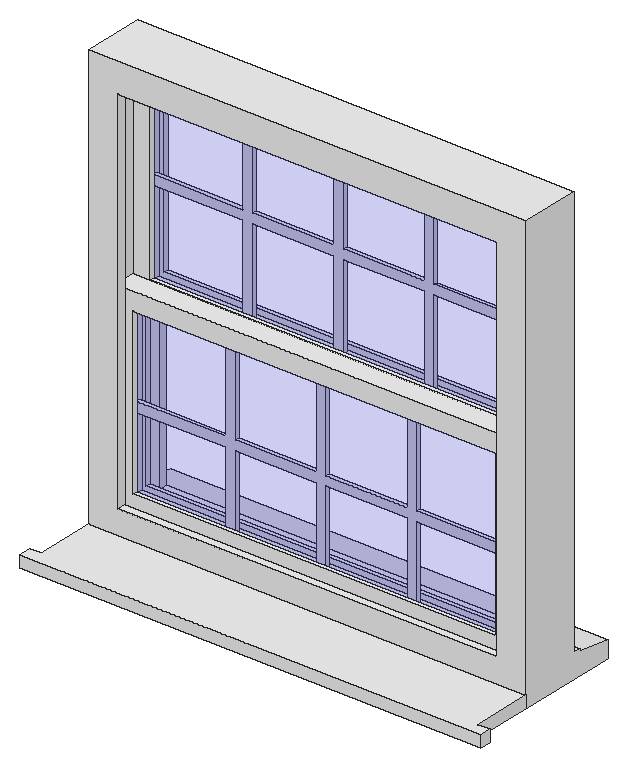
Revit family "5470f5d172704242af29a70493b0ffac", category Windows, host Wall, Revit 2025
Family settings
  Host = Wall
  Always vertical = Yes
  Cut with Voids When Loaded = No
  Shared = No
  Room Calculation Point = No
Parameters (values of type "910x910mm")
  Wrap Layers (Ext) from Ext = 102.5 mm
  Wrap Layers (Int) from Ext = 177.5 mm
  Window Board Projection = 25.0 mm
  Window Board Extension = 25.0 mm
  Visual Light Transmittance = 0.9
  Vis - Glazing Bars = yes
  Vis - Cavity Closers = yes
  Solar Heat Gain Coefficient = 0.78
  Rough Width = Width  # 910.0 mm
  Rough Height = Height  # 910.0 mm
  Operation = "DoublePanelHorizontal"
  Define Thermal Properties by = Schematic Type
  Construction Type Id = "GSP4R"
  Material Trim = Window Frame
  Material Glazing Bars = Window Frame
  Material Glass = Glass
  Material Frame = Window Frame
  Manufacturer = "Revit"
  Keynote = "L10"
  Height = 910.0 mm
  Wall Closure = By host
  Width = 910.0 mm
  Heat Transfer Coefficient (U) = 3.6886 W/(m²·K)
  Glazing Thickness = 24.0 mm
  Glazing Bar Thickness = 20.0 mm
  FrameOffset - External = 68.0 mm
  Frame Depth = 90.0 mm
  Default Head Height = 2110.0 mm
  Cill Depth = 87.5 mm
  Cavity Closer Width = 50.0 mm
  Cavity Closer Offset from Ext = 102.5 mm
  Cavity Closer Depth = 85.0 mm
  Analytic Construction = "1/8 in Pilkington single glazing"
Types (7, lengths in mm): name | Rough Width | Rough Height | Height | Width
  (no name) | 910.0 | 910.0 | 910.0 | 910.0
  910x910mm | 910.0 | 910.0 | 910.0 | 910.0
  910x1210mm | 910.0 | 1210.0 | 1210.0 | 910.0
  1360x910mm | 1360.0 | 910.0 | 910.0 | 1360.0
  1360x1210mm | 1360.0 | 1210.0 | 1210.0 | 1360.0
  1810x910mm | 1810.0 | 910.0 | 910.0 | 1810.0
  1810x1210mm | 1810.0 | 1210.0 | 1210.0 | 1810.0
Reference planes
  plane 1: y = 0
  plane 2 "Center (Left/Right)": x = -285
  plane 3 "Left": x = -740
  plane 4 "Right": x = 170
  plane 5 "Cill": z = 1200
  plane 6 "Head": z = 2110
  plane 7 "Exterior": y = 158.457
  plane 8 "Interior": y = -141.543
  plane 9 "Back of Window": y = 0.457
  plane 10 "Wall Closure": y = 55.957
  plane 11 "Front Window Board": y = -166.543
  plane 12 "RHS Window Board": x = 195
  plane 13 "LHS Window Board": x = -765
  plane 14 "Ext Leaf Back": y = 55.957
  plane 15 "Front of Window": y = 90.457
  plane 16 "C/L window": y = 45.457
  plane 17: z = 1655
  plane 18: y = 22.957
  plane 19: y = 67.957
  plane 20: x = -96.036
  plane 21: x = -473.964
  plane 22: z = 1452.75
  plane 23: z = 1856.464
  plane 24: y = -19.043
  plane 25: x = 92.929
  plane 26: x = -662.929
  plane 27: z = 2032.929
  plane 28: z = 1680
  plane 29: z = 1642.5
  plane 30: z = 1263
Forms (mm)
  Extrusion 1, solid, material "Window Frame" <- "Material Trim", detail levels medium+fine
    sketch origin (0, 0, 1200) x (0, -1, 0) y (-1, 0, 0)
      loop
        line (141.543, 765) -> (141.543, 740) -> (17.543, 740) -> (17.543, -170) -> (141.543, -170) -> (141.543, -195) -> (166.543, -195) -> (166.543, 765) -> (141.543, 765)
    from 0 to -25
  Extrusion 2, solid, material "Window Frame" <- "Material Frame"
    sketch origin (-285, 0, 0) x (0, 1, 0) y (0, 0, 1)
      loop
        line (-17.543, 1200) -> (195.957, 1200) -> (195.957, 1233.809) -> (123.457, 1246.555) -> (123.457, 1250.271) -> (108.457, 1251) -> (108.457, 1263) -> (0.457, 1263) -> (0.457, 1275) -> (-17.543, 1275) -> (-17.543, 1200)
    from 455 to -455
  Sweep 3, solid, material "Window Frame" <- "Material Frame"
    path origin (0, 0.457, 0) x (1, 0, 0) y (0, 0, 1)
      loop
        line (-740, 1263) -> (-740, 2110) -> (170, 2110) -> (170, 1263)
    profile origin (0, 0, 1686.5) x (-1, 0, 0) y (0, -1, 0)
      loop
        line (740, 17.543) -> (680, 17.543) -> (680, -0.457) -> (700, -0.457) -> (700, -90.457) -> (680, -90.457) -> (680, -108.457) -> (740, -108.457) -> (740, 17.543)
  Sweep 4, solid, material "Window Frame" <- "Material Frame"
    path origin (0, 0.457, 0) x (1, 0, 0) y (0, 0, 1)
      loop
        line (140, 1690) -> (-710, 1690) -> (-710, 1253) -> (140, 1253) -> (140, 1690)
    profile origin (0, 0, 1471.5) x (0, -1, 0) y (1, 0, 0)
      loop
        line (-0.457, -700) -> (-0.457, -662.929) -> (-10.957, -662.929) -> (-10.957, -672.929) -> (-34.957, -672.929) -> (-34.957, -662.929) -> (-45.457, -662.929) -> (-45.457, -700) -> (-0.457, -700)
  Sweep 5, solid, material "Window Frame" <- "Material Frame"
    path origin (0, 90.457, 0) x (1, 0, 0) y (0, 0, 1)
      loop
        line (140, 2080.429) -> (-710, 2080.429) -> (-710, 1632.5) -> (140, 1632.5) -> (140, 2080.429)
    profile origin (0, 0, 1856.464) x (0, -1, 0) y (1, 0, 0)
      loop
        line (-45.457, -700) -> (-45.457, -662.929) -> (-55.957, -662.929) -> (-55.957, -672.929) -> (-79.957, -672.929) -> (-79.957, -662.929) -> (-90.457, -662.929) -> (-90.457, -700) -> (-45.457, -700)
  Extrusion 6, solid, material "Window Frame" <- "Material Frame", visible <- "Vis - Glazing Bars"
    sketch origin (0, 67.957, 0) x (-1, 0, 0) y (0, 0, 1)
      loop
        line (86.036, 1290.071) -> (106.036, 1290.071) -> (106.036, 1442.75) -> (275, 1442.75) -> (275, 1290.071) -> (295, 1290.071) -> (295, 1442.75) -> (463.964, 1442.75) -> (463.964, 1290.071) -> (483.964, 1290.071) -> (483.964, 1442.75) -> (672.929, 1442.75) -> (672.929, 1462.75) -> (483.964, 1462.75) -> (483.964, 1652.929) -> (463.964, 1652.929) -> (463.964, 1462.75) -> (295, 1462.75) -> (295, 1652.929) -> (275, 1652.929) -> (275, 1462.75) -> (106.036, 1462.75) -> (106.036, 1652.929) -> (86.036, 1652.929) -> (86.036, 1462.75) -> (-102.929, 1462.75) -> (-102.929, 1442.75) -> (86.036, 1442.75) -> (86.036, 1290.071)
    from -41 to -49
  Extrusion 7, solid, material "Window Frame" <- "Material Frame", visible <- "Vis - Glazing Bars"
    sketch origin (0, 67.957, 0) x (-1, 0, 0) y (0, 0, 1)
      loop
        line (86.036, 1669.571) -> (106.036, 1669.571) -> (106.036, 1846.464) -> (275, 1846.464) -> (275, 1669.571) -> (295, 1669.571) -> (295, 1846.464) -> (463.964, 1846.464) -> (463.964, 1669.571) -> (483.964, 1669.571) -> (483.964, 1846.464) -> (672.929, 1846.464) -> (672.929, 1866.464) -> (483.964, 1866.464) -> (483.964, 2042.929) -> (463.964, 2042.929) -> (463.964, 1866.464) -> (295, 1866.464) -> (295, 2042.929) -> (275, 2042.929) -> (275, 1866.464) -> (106.036, 1866.464) -> (106.036, 2042.929) -> (86.036, 2042.929) -> (86.036, 1866.464) -> (-102.929, 1866.464) -> (-102.929, 1846.464) -> (86.036, 1846.464) -> (86.036, 1669.571)
    from 4 to -4
  Extrusion 8, solid, material "Glass" <- "Material Glass"
    sketch origin (102.929, 34.957, 1652.929) x (-1, 0, 0) y (0, 0, -1)
      loop
        line (775.858, 362.858) -> (0, 362.858) -> (0, 0) -> (775.858, 0) -> (775.858, 362.858)
    from 0 to 24 <- "Glazing Thickness"
  Extrusion 9, solid, material "Glass" <- "Material Glass"
    sketch origin (102.929, 79.957, 2043.358) x (-1, 0, 0) y (0, 0, -1)
      loop
        line (0, 0.429) -> (775.858, 0.429) -> (775.858, 373.787) -> (0, 373.787) -> (0, 0.429)
    from 0 to 24 <- "Glazing Thickness"
Cuts and joins
  joined: Extrusion 2, Sweep 3
Lines and regions (mm)
  Opening 1
    outline origin (-5000, -141.543, 0) x (1, 0, 0) y (0, 0, 1)
      loop
        line (5170, 2110) -> (4260, 2110) -> (4260, 1200) -> (5170, 1200) -> (5170, 2110)
  Masking region 1
    outline origin (0, 0, 1200) x (0, -1, 0) y (1, 0, 0)
      loop
        line (17.543, -740) -> (17.543, 170) -> (-195.957, 170) -> (-195.957, -740) -> (17.543, -740)
  Masking region 2, detail levels medium+fine
    outline origin (0, 0, 1200) x (0, -1, 0) y (1, 0, 0)
      loop
        line (17.543, -740) -> (141.543, -740) -> (141.543, -765) -> (166.543, -765) -> (166.543, 195) -> (141.543, 195) -> (141.543, 170) -> (17.543, 170) -> (17.543, -740)
  symbolic lines, style "WindowsFrameMullionProjection", detail levels coarse
    curve 1: line (140, 0, 2080) -> (140, 0, 1253)
    curve 2: line (140, 0, 1253) -> (-710, 0, 1253)
    curve 3: line (-710, 0, 1253) -> (-710, 0, 2080)
    curve 4: line (-710, 0, 2080) -> (140, 0, 2080)
    curve 5: line (-715, 0, 1233.809) -> (145, 0, 1233.809)
  symbolic lines, style "Windows"
    curve 6: line (-740, 108.457, 0) -> (-740, 25.457, 0)
    curve 7: line (170, 25.457, 0) -> (170, 108.457, 0)
    curve 8: line (-680, -17.543, 0) -> (-680, 108.457, 0)
    curve 9: line (110, -17.543, 0) -> (110, 108.457, 0)
    curve 10: line (-680, 45.457, 0) -> (110, 45.457, 0)
  symbolic lines, style "Cavity Closer", visible <- "Vis - Cavity Closers", detail levels medium+fine
    curve 11: line (-740, 55.957, 0) -> (-790, 55.957, 0)
    curve 12: line (-740, -29.043, 0) -> (-740, 55.957, 0)
    curve 13: line (-790, -29.043, 0) -> (-740, -29.043, 0)
    curve 14: line (-790, 55.957, 0) -> (-790, -29.043, 0)
    curve 15: line (-740, -29.043, 0) -> (-790, 55.957, 0)
    curve 16: line (-790, -29.043, 0) -> (-740, 55.957, 0)
    curve 17: line (170, 55.957, 0) -> (220, 55.957, 0)
    curve 18: line (170, -29.043, 0) -> (170, 55.957, 0)
    curve 19: line (220, -29.043, 0) -> (170, -29.043, 0)
    curve 20: line (220, 55.957, 0) -> (220, -29.043, 0)
    curve 21: line (170, -29.043, 0) -> (220, 55.957, 0)
    curve 22: line (220, -29.043, 0) -> (170, 55.957, 0)
  symbolic lines, detail levels coarse
    curve 23: line (-662.929, 0, 1642.5) -> (92.929, 0, 1642.5)
    curve 24: line (92.929, 0, 1642.5) -> (92.929, 0, 1300.071)
    curve 25: line (92.929, 0, 1300.071) -> (-662.929, 0, 1300.071)
    curve 26: line (-662.929, 0, 1300.071) -> (-662.929, 0, 1642.5)
    curve 27: line (92.929, 0, 2033.358) -> (92.929, 0, 1669.571)
    curve 28: line (92.929, 0, 1669.571) -> (-662.929, 0, 1669.571)
    curve 29: line (-662.929, 0, 1669.571) -> (-662.929, 0, 2033.358)
    curve 30: line (-662.929, 0, 2033.358) -> (92.929, 0, 2033.358)
  symbolic lines, style "Glazing Bars", visible <- "Vis - Glazing Bars", detail levels coarse
    curve 31: line (92.929, 0, 1856.464) -> (-662.929, 0, 1856.464)
    curve 32: line (92.929, 0, 1452.75) -> (-662.929, 0, 1452.75)
    curve 33: line (-96.036, 0, 1642.5) -> (-96.036, 0, 1300.071)
    curve 34: line (-285, 0, 1642.5) -> (-285, 0, 1300.071)
    curve 35: line (-473.964, 0, 1642.5) -> (-473.964, 0, 1300.071)
    curve 36: line (-96.036, 0, 1669.571) -> (-96.036, 0, 2033.358)
    curve 37: line (-285, 0, 1669.571) -> (-285, 0, 2033.358)
    curve 38: line (-473.964, 0, 1669.571) -> (-473.964, 0, 2033.358)
  symbolic lines, style "Glazing Bars", visible <- "Vis - Glazing Bars", detail levels medium+fine
    curve 39: line (-483.964, 0, 1866.464) -> (-483.964, 0, 2033.358)
    curve 40: line (-662.929, 0, 1866.464) -> (-483.964, 0, 1866.464)
    curve 41: line (-483.964, 0, 1846.464) -> (-662.929, 0, 1846.464)
    curve 42: line (-483.964, 0, 1679.571) -> (-483.964, 0, 1846.464)
    curve 43: line (-463.964, 0, 1846.464) -> (-463.964, 0, 1679.571)
    curve 44: line (-463.964, 0, 2033.358) -> (-463.964, 0, 1866.464)
    curve 45: line (-295, 0, 1846.464) -> (-463.964, 0, 1846.464)
    curve 46: line (-463.964, 0, 1866.464) -> (-295, 0, 1866.464)
    curve 47: line (-295, 0, 1866.464) -> (-295, 0, 2033.358)
    curve 48: line (-275, 0, 2033.358) -> (-275, 0, 1866.464)
    curve 49: line (-275, 0, 1846.464) -> (-275, 0, 1679.571)
    curve 50: line (-295, 0, 1679.571) -> (-295, 0, 1846.464)
    curve 51: line (-275, 0, 1866.464) -> (-106.036, 0, 1866.464)
    curve 52: line (-106.036, 0, 1846.464) -> (-275, 0, 1846.464)
    curve 53: line (-106.036, 0, 1866.464) -> (-106.036, 0, 2033.358)
    curve 54: line (-106.036, 0, 1679.571) -> (-106.036, 0, 1846.464)
    curve 55: line (-86.036, 0, 2033.358) -> (-86.036, 0, 1866.464)
    curve 56: line (-86.036, 0, 1846.464) -> (-86.036, 0, 1679.571)
    curve 57: line (-86.036, 0, 1866.464) -> (92.929, 0, 1866.464)
    curve 58: line (92.929, 0, 1846.464) -> (-86.036, 0, 1846.464)
    curve 59: line (-86.036, 0, 1462.75) -> (92.929, 0, 1462.75)
    curve 60: line (92.929, 0, 1442.75) -> (-86.036, 0, 1442.75)
    curve 61: line (-86.036, 0, 1642.5) -> (-86.036, 0, 1462.75)
    curve 62: line (-86.036, 0, 1442.75) -> (-86.036, 0, 1300.071)
    curve 63: line (-106.036, 0, 1300.071) -> (-106.036, 0, 1442.75)
    curve 64: line (-106.036, 0, 1462.75) -> (-106.036, 0, 1642.5)
    curve 65: line (-275, 0, 1462.75) -> (-106.036, 0, 1462.75)
    curve 66: line (-106.036, 0, 1442.75) -> (-275, 0, 1442.75)
    curve 67: line (-275, 0, 1642.5) -> (-275, 0, 1462.75)
    curve 68: line (-275, 0, 1442.75) -> (-275, 0, 1300.071)
    curve 69: line (-295, 0, 1300.071) -> (-295, 0, 1442.75)
    curve 70: line (-295, 0, 1462.75) -> (-295, 0, 1642.5)
    curve 71: line (-463.964, 0, 1462.75) -> (-295, 0, 1462.75)
    curve 72: line (-295, 0, 1442.75) -> (-463.964, 0, 1442.75)
    curve 73: line (-463.964, 0, 1642.5) -> (-463.964, 0, 1462.75)
    curve 74: line (-463.964, 0, 1442.75) -> (-463.964, 0, 1300.071)
    curve 75: line (-483.964, 0, 1300.071) -> (-483.964, 0, 1442.75)
    curve 76: line (-483.964, 0, 1462.75) -> (-483.964, 0, 1642.5)
    curve 77: line (-662.929, 0, 1462.75) -> (-483.964, 0, 1462.75)
    curve 78: line (-483.964, 0, 1442.75) -> (-662.929, 0, 1442.75)
  symbolic lines, style "WindowsSillHeadProjection"
    curve 79: line (170, 195.957, 0) -> (-740, 195.957, 0)
    curve 80: line (-740, 195.957, 0) -> (-740, 158.457, 0)
    curve 81: line (170, 158.457, 0) -> (170, 195.957, 0)
  symbolic lines
    curve 82: line (170, 108.457, 0) -> (-740, 108.457, 0)
    curve 83: line (-740, -17.543, 0) -> (170, -17.543, 0)
Text (mm)
  text "EXTERIOR" at (-1415.209, 454.062, 0), in view "Ref. Level"
  text "INTERIOR" at (-1415.209, -367.981, 0), in view "Ref. Level"
  text "Exterior" at (0, 923.751, 2943.296), in view "Right"
  text "Exterior" at (0, 1040.484, 2685.409), in view "Left"
Dimensions and locks
  equal spacing: plane 3 "Left", plane 2 "Center (Left/Right)", plane 4 "Right"
  "Width": plane 3 "Left" to plane 4 "Right"
  "Height": plane 5 "Cill" to plane 6 "Head"
  "Default Head Height": plane 6 "Head" to level
  locked: plane 7 "Exterior" to host wall
  locked: plane 8 "Interior" to host wall
  "Window Board Projection": plane 11 "Front Window Board" to plane 8 "Interior"
  "Window Board Extension": plane 13 "LHS Window Board" to plane 3 "Left"
  "Window Board Extension": plane 4 "Right" to plane 12 "RHS Window Board"
  "Cavity Closer Offset from Ext": plane 14 "Ext Leaf Back" to plane 7 "Exterior"
  Extrusion 2 sketch curve to Extrusion 2 sketch curve = 12.0 mm
  "Cavity Closer Depth": curve 11 to curve 13
  "Cavity Closer Width": curve 14 to plane 3 "Left"
  "Cavity Closer Depth": curve 17 to curve 19
  "Cavity Closer Width": plane 4 "Right" to curve 20
  "Frame Depth": plane 9 "Back of Window" to plane 15 "Front of Window"
  equal spacing: plane 5 "Cill", plane 17, plane 6 "Head"
  equal spacing: plane 9 "Back of Window", plane 18, plane 16 "C/L window", plane 19, plane 15 "Front of Window"
  equal spacing: Sweep 4 sketch curve, plane 18, Sweep 4 sketch curve
  "Glazing Thickness": Sweep 4 sketch curve to Sweep 4 sketch curve
  locked: Extrusion 2 sketch curve to plane 9 "Back of Window" at 18
  locked: plane 15 "Front of Window" to Sweep 3 sketch curve at 18
  "FrameOffset - External": plane 15 "Front of Window" to plane 7 "Exterior"
  locked: plane 15 "Front of Window" to Extrusion 2 sketch curve at 18
  locked: Extrusion 2 sketch curve to Extrusion 2 sketch curve at 15
  locked: plane 17 to Sweep 4 sketch curve at 35
  locked: Sweep 5 sketch curve to plane 17 at 22.5
  "Glazing Thickness": Sweep 5 sketch curve to Sweep 5 sketch curve
  locked: Sweep 5 sketch curve to Sweep 5 sketch curve at 10
  Sweep 5 sketch curve to Sweep 5 sketch curve = 37.071 mm
  equal spacing: Sweep 5 sketch curve, plane 19, Sweep 5 sketch curve
  equal spacing: Extrusion 6 sketch curve, plane 20, Extrusion 6 sketch curve
  "Glazing Bar Thickness": Extrusion 6 sketch curve to Extrusion 6 sketch curve  (x4)
  equal spacing: Extrusion 6 sketch curve, plane 22, Extrusion 6 sketch curve
  equal spacing: Extrusion 6 sketch curve, plane 2 "Center (Left/Right)", Extrusion 6 sketch curve
  equal spacing: Extrusion 6 sketch curve, plane 21, Extrusion 6 sketch curve
  Extrusion 6 to Extrusion 6 = 8.0 mm
  equal spacing: Extrusion 7 sketch curve, plane 23, Extrusion 7 sketch curve
  equal spacing: Extrusion 7 sketch curve, plane 20, Extrusion 7 sketch curve
  equal spacing: Extrusion 7 sketch curve, plane 2 "Center (Left/Right)", Extrusion 7 sketch curve
  equal spacing: Extrusion 7 sketch curve, plane 21, Extrusion 7 sketch curve
  "Glazing Bar Thickness": Extrusion 7 sketch curve to Extrusion 7 sketch curve  (x4)
  Extrusion 7 to Extrusion 7 = 8.0 mm
  "Cill Depth": Extrusion 2 sketch curve to Extrusion 2 sketch curve
  "Wrap Layers (Ext) from Ext": plane 10 "Wall Closure" to plane 7 "Exterior"
  "Wrap Layers (Int) from Ext": plane 24 to plane 7 "Exterior"
  locked: plane 5 "Cill" to plane 30 at 63
  plane 29 to plane 17 to plane 28 = 12.5 mm locked, 25.0 mm locked
  equal spacing: plane 30, plane 22, plane 29
  equal spacing: plane 28, plane 23, plane 27
  locked: plane 27 to plane 6 "Head" at 77.071
  locked: plane 25 to plane 4 "Right" at 77.071
  locked: plane 26 to plane 3 "Left" at 77.071
  equal spacing: plane 25, plane 20, plane 2 "Center (Left/Right)"
  equal spacing: plane 2 "Center (Left/Right)", plane 21, plane 26
  aligned and locked: plane 3 "Left" to Extrusion 1 sketch curve
  aligned and locked: Extrusion 1 sketch curve to plane 8 "Interior"  (x2)
  aligned and locked: Extrusion 1 sketch curve to plane 12 "RHS Window Board"
  aligned and locked: Extrusion 1 to plane 11 "Front Window Board"
  aligned and locked: plane 13 "LHS Window Board" to Extrusion 1 sketch curve
  aligned and locked: Extrusion 2 sketch curve to plane 5 "Cill"
  aligned and locked: plane 3 "Left" to Extrusion 2
  aligned and locked: Extrusion 2 to plane 4 "Right"
  aligned and locked: Extrusion 2 to curve 5
  aligned and locked: Sweep 3 to curve 8
  aligned and locked: curve 9 to Sweep 3
  aligned and locked: plane 3 "Left" to nested 1
  aligned and locked: curve 12 to plane 3 "Left"
  aligned and locked: plane 4 "Right" to nested 2
  aligned and locked: curve 18 to plane 4 "Right"
  aligned and locked: Sweep 3 sketch curve to Sweep 3 sketch curve
  aligned and locked: Sweep 3 sketch curve to plane 15 "Front of Window"
  aligned and locked: Sweep 3 sketch curve to plane 9 "Back of Window"
  aligned and locked: Sweep 4 sketch curve to plane 16 "C/L window"
  aligned and locked: plane 9 "Back of Window" to Extrusion 2 sketch curve
  aligned and locked: plane 16 "C/L window" to Sweep 5 sketch curve
  aligned and locked: Sweep 5 sketch curve to plane 15 "Front of Window"
  aligned and locked: Sweep 5 sketch curve to Sweep 5 sketch curve
  aligned and locked: Extrusion 6 sketch curve to Extrusion 6 sketch curve  (x12)
  aligned and locked: Extrusion 7 sketch curve to Extrusion 7 sketch curve  (x12)
  aligned and locked: plane 23 to curve 31
  aligned and locked: plane 22 to curve 32
  aligned and locked: plane 20 to curve 33
  aligned and locked: plane 21 to curve 35
  aligned and locked: curve 36 to plane 20
  aligned and locked: curve 37 to plane 2 "Center (Left/Right)"
  aligned and locked: curve 38 to plane 21
  aligned and locked: curve 39 to Extrusion 7
  aligned and locked: Extrusion 7 to curve 40
  aligned and locked: curve 41 to Extrusion 7
  aligned and locked: Extrusion 7 to curve 42
  aligned and locked: curve 43 to Extrusion 7
  aligned and locked: Extrusion 7 to curve 44
  aligned and locked: curve 45 to Extrusion 7
  aligned and locked: curve 46 to Extrusion 7
  aligned and locked: curve 47 to Extrusion 7
  aligned and locked: Extrusion 7 to curve 48
  aligned and locked: curve 49 to Extrusion 7
  aligned and locked: Extrusion 7 to curve 50
  aligned and locked: curve 51 to Extrusion 7
  aligned and locked: curve 52 to Extrusion 7
  aligned and locked: curve 53 to Extrusion 7
  aligned and locked: Extrusion 7 to curve 54
  aligned and locked: Extrusion 7 to curve 55
  aligned and locked: curve 56 to Extrusion 7
  aligned and locked: curve 57 to Extrusion 7
  aligned and locked: Extrusion 7 to curve 58
  aligned and locked: curve 59 to Extrusion 6
  aligned and locked: Extrusion 6 to curve 60
  aligned and locked: Extrusion 6 to curve 61
  aligned and locked: curve 62 to Extrusion 6
  aligned and locked: Extrusion 6 to curve 63
  aligned and locked: curve 64 to Extrusion 6
  aligned and locked: curve 65 to Extrusion 6
  aligned and locked: curve 66 to Extrusion 6
  aligned and locked: Extrusion 6 to curve 67
  aligned and locked: curve 68 to Extrusion 6
  aligned and locked: Extrusion 6 to curve 69
  aligned and locked: curve 70 to Extrusion 6
  aligned and locked: curve 71 to Extrusion 6
  aligned and locked: curve 72 to Extrusion 6
  aligned and locked: Extrusion 6 to curve 73
  aligned and locked: curve 74 to Extrusion 6
  aligned and locked: Extrusion 6 to curve 75
  aligned and locked: curve 76 to Extrusion 6
  aligned and locked: Extrusion 6 to curve 77
  aligned and locked: curve 78 to Extrusion 6
  aligned and locked: cut or joined group of Extrusion 2, Sweep 3 to curve 80
  aligned and locked: cut or joined group of Extrusion 2, Sweep 3 to curve 81
  aligned and locked: curve 82 to cut or joined group of Extrusion 2, Sweep 3
  aligned and locked: curve 83 to cut or joined group of Extrusion 2, Sweep 3
  aligned and locked: Sweep 5 to curve 10
  aligned and locked: curve 25 to Sweep 4
  aligned and locked: curve 24 to Sweep 4
  aligned and locked: curve 26 to Sweep 4
  aligned and locked: curve 23 to Sweep 5
  aligned and locked: curve 27 to Sweep 5
  aligned and locked: curve 29 to Sweep 5
  aligned and locked: curve 30 to Sweep 5
  aligned and locked: plane 14 "Ext Leaf Back" to nested 2
  aligned and locked: nested 1 to plane 14 "Ext Leaf Back"
  aligned and locked: plane 14 "Ext Leaf Back" to curve 11
  aligned and locked: curve 17 to plane 14 "Ext Leaf Back"
  aligned and locked: plane 3 "Left" to Masking region 1 sketch curve
  aligned and locked: plane 4 "Right" to Masking region 1 sketch curve
  aligned and locked: Masking region 1 sketch curve to Extrusion 1
  aligned and locked: curve 79 to cut or joined group of Extrusion 2, Sweep 3
  aligned and locked: Masking region 1 sketch curve to cut or joined group of Extrusion 2, Sweep 3
  aligned and locked: Masking region 2 sketch curve to Extrusion 1
  aligned and locked: Masking region 2 sketch curve to plane 3 "Left"
  aligned and locked: plane 4 "Right" to Masking region 2 sketch curve
  aligned and locked: Masking region 2 sketch curve to plane 11 "Front Window Board"
  aligned and locked: Masking region 2 sketch curve to plane 13 "LHS Window Board"
  aligned and locked: plane 12 "RHS Window Board" to Masking region 2 sketch curve
  aligned and locked: plane 8 "Interior" to Masking region 2 sketch curve  (x2)
Automatic sketch dimensions
  Extrusion 1 sketch curve to plane 4 "Right" = 0.0 mm
  plane 9 "Back of Window" to Extrusion 1 sketch curve = 18.0 mm
  Extrusion 1 sketch curve to plane 11 "Front Window Board" = 0.0 mm
  Sweep 3 sketch curve to plane 3 "Left" = 0.0 mm
  Sweep 3 sketch curve to plane 4 "Right" = 0.0 mm
  Sweep 3 sketch curve to plane 6 "Head" = 0.0 mm
  Sweep 3 sketch curve to plane 5 "Cill" = 63.0 mm  (x2)
  Sweep 3 sketch curve to profile plane = 0.0 mm
  profile plane to Sweep 3 sketch curve = 40.0 mm
  plane 9 "Back of Window" to Sweep 3 sketch curve = 18.0 mm
  Sweep 3 sketch curve to Sweep 3 sketch curve = 20.0 mm
  Sweep 4 sketch curve to plane 9 "Back of Window" = 0.0 mm
  Sweep 4 sketch curve to profile plane = 10.0 mm
  Sweep 4 sketch curve to Sweep 4 sketch curve = 27.071 mm
  Sweep 4 sketch curve to Sweep 4 sketch curve = 10.0 mm  (x2)
  Extrusion 2 sketch curve to plane 5 "Cill" = 33.809 mm
  Extrusion 2 sketch curve to plane 5 "Cill" = 46.555 mm
  Extrusion 2 sketch curve to Extrusion 2 sketch curve = 3.716 mm
  Extrusion 2 sketch curve to Extrusion 2 sketch curve = 0.729 mm
  Extrusion 2 sketch curve to Extrusion 2 sketch curve = 12.0 mm
  Sweep 4 sketch curve to plane 3 "Left" = 30.0 mm
  plane 4 "Right" to Sweep 4 sketch curve = 30.0 mm
  Sweep 4 sketch curve to plane 5 "Cill" = 53.0 mm
  Sweep 5 sketch curve to plane 3 "Left" = 30.0 mm
  plane 4 "Right" to Sweep 5 sketch curve = 30.0 mm
  plane 6 "Head" to Sweep 5 sketch curve = 29.571 mm
  Sweep 5 sketch curve to profile plane = 10.0 mm
  plane 17 to Extrusion 6 sketch curve = 2.071 mm  (x3)
  Extrusion 6 sketch curve to plane 5 "Cill" = 90.071 mm  (x3)
  curve 34 to plane 2 "Center (Left/Right)" = 0.0 mm
  plane 6 "Head" to curve 1 = 30.0 mm
  curve 2 to curve 5 = 19.191 mm
  curve 4 to plane 3 "Left" = 30.0 mm
  plane 4 "Right" to curve 4 = 30.0 mm
  curve 43 to curve 38 = 10.0 mm
  curve 42 to curve 38 = 10.0 mm
  curve 50 to curve 37 = 10.0 mm
  curve 49 to curve 37 = 10.0 mm
  curve 54 to curve 36 = 10.0 mm
  curve 56 to curve 36 = 10.0 mm
  plane 4 "Right" to Extrusion 6 sketch curve = 67.071 mm
  Extrusion 6 sketch curve to plane 3 "Left" = 67.071 mm
  plane 4 "Right" to Extrusion 8 sketch curve = 67.071 mm
  plane 17 to Extrusion 8 sketch curve = 2.071 mm
  Extrusion 8 sketch curve to plane 3 "Left" = 67.071 mm
  Extrusion 8 sketch curve to plane 5 "Cill" = 90.071 mm
  curve 42 to plane 17 = 24.571 mm
  plane 4 "Right" to Extrusion 7 sketch curve = 67.071 mm
  Extrusion 7 sketch curve to plane 3 "Left" = 67.071 mm
  Extrusion 7 sketch curve to plane 17 = 14.571 mm  (x3)
  plane 6 "Head" to Extrusion 7 sketch curve = 67.071 mm  (x3)
  Extrusion 9 sketch curve to plane 17 = 14.571 mm
  plane 4 "Right" to Extrusion 9 sketch curve = 67.071 mm
  Extrusion 9 sketch curve to plane 3 "Left" = 67.071 mm
  plane 6 "Head" to Extrusion 9 sketch curve = 67.071 mm
  curve 5 to curve 2 = 5.0 mm
  curve 1 to curve 5 = 5.0 mm
  Opening 1 sketch curve to plane 3 "Left" = 0.0 mm
  Opening 1 sketch curve to plane 4 "Right" = 0.0 mm
  Opening 1 sketch curve to plane 5 "Cill" = 0.0 mm
  Opening 1 sketch curve to plane 6 "Head" = 0.0 mm
  curve 82 to plane 3 "Left" = 0.0 mm
  curve 82 to plane 4 "Right" = 0.0 mm
  curve 80 to host wall = 0.0 mm
  curve 81 to host wall = 0.0 mm
  curve 6 to plane 18 = 2.5 mm
  curve 7 to plane 18 = 2.5 mm
  host wall to curve 79 = 37.5 mm
Nested families
  nested 1: "Cavity Closer" at (-790, 55.957, 0), visible <- "Vis - Cavity Closers", type "Cavity Closer", detail levels medium+fine
  nested 2: "Cavity Closer" at (220, 55.957, 0) x (-1, 0, 0) z (0, 0, 1), visible <- "Vis - Cavity Closers", type "Cavity Closer", detail levels medium+fine
Definition of nested family "Cavity Closer"
  Parameters
    Closer Width = 50.0 mm
    Closer Depth = 75.0 mm
  Reference planes
    plane 1 "Center (Front/Back)": y = 0
    plane 2: z = 0
    plane 3 "Center (Left/Right)": x = 0
    plane 4: x = 50, in view "Ref. Level"
    plane 5: y = -75, in view "Ref. Level"
  Lines and regions (mm)
    Masking region 1, in view "Ref. Level"
      outline origin (0, 0, 0) x (1, 0, 0) y (0, 1, 0)
        loop
          line (0, 0) -> (0, -75) -> (50, -75) -> (50, 0) -> (0, 0)
  Dimensions and locks
    "Closer Width": plane 3 "Center (Left/Right)" to plane 4
    "Closer Depth": plane 5 to plane 1 "Center (Front/Back)"
  Automatic sketch dimensions
    Masking region 1 sketch curve to plane 3 "Center (Left/Right)" = 0.0 mm
    Masking region 1 sketch curve to plane 4 = 0.0 mm
    Masking region 1 sketch curve to plane 5 = 0.0 mm
    Masking region 1 sketch curve to plane 1 "Center (Front/Back)" = 0.0 mm
